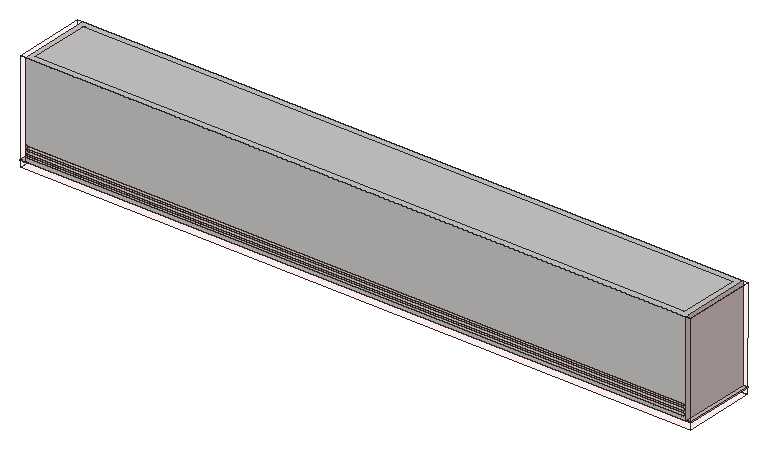
Revit family "Air-Curtain_Specialty_PoweredAire_HDX-Hazardous", category Mechanical Equipment, host Face, Revit 2022
Family settings
  Host = Face
  Round Connector Dimension = Use Diameter
  Part Type = Normal
  OmniClass Number = 23.75.35.17.21
  OmniClass Title = Air Curtains
  Cut with Voids When Loaded = No
  Maintain Annotation Orientation = No
  Shared = No
  Room Calculation Point = No
Parameters (values of type "192'' Nozzle")
  Warranty Duration (Years) = 0
  Unit Width Notes = "Other Widths available."  # constant formula
  Unit Width = 16' - 3 1/4"
  Unit Weight = 1170
  Unit Height = 1' - 9"
  Unit Depth = 2' - 3 1/4"
  URL = "http://www.poweredaire.com/"
  Test Data = ""
  Standards Conformance = "Class I C and D  ;  Class II F and G  ;  Made in USA"
  Specification = "http://www.arcat.com/sdspecs/htm04/23_34_33pai.htm"
  SpecWizard = ""
  Sound Pressure = ">69 dBA"
  Sales Information = "http://www.poweredaire.com/contact_us"
  Revision = "R1_2016-08"
  Projection from Host [instance] = 0' - 2"
  Product Properties = ""
  Product Data = "http://www.arcat.com/arcatcos/cos47/arc47623.html"
  Power Rating = 0 W
  Nozzle Width = if(1 = 1, Unit Width - 0' 3", 0' 0")  # 16' - 0 1/4"
  Mounting Width = if(1 = 1, Unit Width - 0' 1 1/2", 0' 0")  # 16' - 1 3/4"
  Mounting Height [instance] = 3' - 6"
  Motor RPM = 1160
  Motor HP = 3
  Motor Count = 3
  Model = "HDX-3-192"
  Max Height = 17' - 0"
  Manufacturer Website = "http://www.poweredaire.com/"
  Manufacturer Phone - Toll Free = "888-321-2473"
  Manufacturer Phone = "724-588-3305"
  Manufacturer Fax = "724-588-3371"
  Manufacturer Address = "109 Mortensen Rd.  Greenville, PA 16125"
  Manufacturer = "Powered Aire, Inc"
  Maintenance Schedule (Months) = 0
  Keynote = "23 34 33"
  Installation-Fabrication = ""
  Installation Phase = ""
  Include Clearance [instance] = yes
  Heating Element Load = 0 W
  HVAC_Temperature Rise = 0 °F
  HVAC_Outlet Volume = 15700 CFM
  HVAC_Outlet Velocity Uniformity = 0.863
  HVAC_Outlet Velocity = 6200 FPM
  Green Building-LEED = "http://www.arcat.com/green/clients/leed_data_47623.html"
  Front Grating Material [instance] = Metal - Steel - PoweredAire - Stainless 304 Perforated
  Frame Finish [instance] = Metal - Steel - PoweredAire - Stainless 304
  Expected Lifespan (Years) = 0
  Electrical_Wattage [instance] = Power Rating + Heating Element Load  # 0 W
  Electrical_Voltage [instance] = 0 V
  Electrical_Phase [instance] = 1
  Electrical_Frequency [instance] = 0 Hz
  Electrical_Amperage [instance] = 0 A
  Drawn By = "Sumex Design, Inc. / Robert S. Weygant, CSI, CDT, SCIP"
  Description = "Powered Aire Unheated Hazardous Area Air Curtain - HDX-3-192 as Specified"
  Default Elevation = 0' - 0"  # constant formula
  Copyright = "©Arcat Inc."
  Construction Details = "http://www.arcat.com/details/powair/prod3336.html"
  Clearance_Top [instance] = 0' - 0"
  Clearance_Side B [instance] = 0' - 0"
  Clearance_Side A [instance] = 0' - 0"
  Clearance_Intake [instance] = 0' - 0"
  Clearance_Bottom [instance] = 0' - 0"
  Clearance Material [instance] = ARCAT Clearance
  Building Codes = ""
  Available Options [instance] = "as Specified"
  Assembly Code = "D3090400"
Types (7): name | Unit Width | Unit Weight | Sound Pressure | Nozzle Width | Mounting Width | Motor Count | Model | HVAC_Outlet Volume | HVAC_Outlet Velocity Uniformity | HVAC_Outlet Velocity | Description
  192'' Nozzle | 16' - 3 1/4" | 1170 | ">69 dBA" | 16' - 0 1/4" | 16' - 1 3/4" | 3 | "HDX-3-192" | 15700 CFM | 0.863 | 6200 FPM | "Powered Aire Unheated Hazardous Area Air Curtain - HDX-3-192 as Specified"
  180'' Nozzle | 15' - 3 1/4" | 1150 | ">69 dBA" | 15' - 0 1/4" | 15' - 1 3/4" | 3 | "HDX-3-180" | 15000 CFM | 0.863 | 6200 FPM | "Powered Aire Unheated Hazardous Area Air Curtain - HDX-3-180 as Specified"
  144'' Nozzle | 12' - 3 1/8" | 830 | ">69 dBA" | 12' - 0 1/8" | 12' - 1 5/8" | 2 | "HDX-2-144" | 11200 CFM | 0.863 | 5900 FPM | "Powered Aire Unheated Hazardous Area Air Curtain - HDX-2-144 as Specified"
  132'' Nozzle | 11' - 3 1/8" | 805 | ">69 dBA" | 11' - 0 1/8" | 11' - 1 5/8" | 2 | "HDX-2-132" | 10400 CFM | 0.863 | 5900 FPM | "Powered Aire Unheated Hazardous Area Air Curtain - HDX-2-132 as Specified"
  120'' Nozzle | 10' - 3 1/8" | 785 | ">69 dBA" | 10' - 0 1/8" | 10' - 1 5/8" | 2 | "HDX-2-120" | 9700 CFM | 0.92 | 5800 FPM | "Powered Aire Unheated Hazardous Area Air Curtain - HDX-2-120 as Specified"
  72'' Nozzle | 6' - 3" | 420 | "69 dBA" | 6' - 0" | 6' - 1 1/2" | 1 | "HDX-1-72" | 5600 CFM | 0.863 | 5900 FPM | "Powered Aire Unheated Hazardous Area Air Curtain - HDX-1-72 as Specified"
  60'' Nozzle | 5' - 3" | 400 | "69 dBA" | 5' - 0" | 5' - 1 1/2" | 1 | "HDX-1-60" | 4900 CFM | 0.92 | 5800 FPM | "Powered Aire Unheated Hazardous Area Air Curtain - HDX-1-60 as Specified"
Reference planes (in)
  plane 1 "Center (Elevation)": y = 10.63818
  plane 2: z = 0
  plane 3 "Center (Left/Right)": x = 0
  plane 4: y = 21.13818
  plane 5 "BoC": y = 0.13818
  plane 6: x = -97.625
  plane 7: x = 97.625
  plane 8: z = 29.25
  plane 9 "FF": y = -41.86182
  plane 10: z = 2
  plane 11: x = 96.125
  plane 12: x = -96.125
  plane 13: y = 21.13818
  plane 14: y = 0.13818
  plane 15: x = -97.625
  plane 16: x = 97.625
  plane 17: z = 29.25
  plane 18: y = 0.13818
  plane 19: x = 96.0625
  plane 20: x = -96.0625
Forms (in)
  Extrusion 1, solid, material "ARCAT Clearance" <- "Clearance Material", visible <- "Include Clearance"
    sketch origin (0, 0, 0) x (0, 1, 0) y (0, 0, 1)
      loop
        line (0.13818, 29.25) -> (0.13818, 0) -> (21.13818, 0) -> (21.13818, 29.25) -> (0.13818, 29.25)
    from -97.625 to 97.625
  Extrusion 2, solid, material "Metal - Steel - PoweredAire - Stainless 304" <- "Frame Finish"
    sketch origin (0, 10.63818, 0) x (1, 0, 0) y (0, 0, 1)
      loop
        line (96.125, 29.25) -> (-96.125, 29.25) -> (-96.125, 2) -> (96.125, 2) -> (96.125, 29.25)
    from -10.5 to 10.5
  Extrusion 3, void
    sketch origin (0, 0, 0) x (0, 1, 0) y (0, 0, 1)
      loop
        line (0.13818, 4) -> (0.13818, 3) -> (1.63818, 3) -> (1.63818, 6.5) -> (0.13818, 6.5) -> (0.13818, 5.5) -> (1.38818, 5.5) -> (1.38818, 5.25) -> (0.13818, 5.25) -> (0.13818, 4.25) -> (1.38818, 4.25) -> (1.38818, 4) -> (0.13818, 4)
    from -96.0625 to 96.0625
  Extrusion 4, solid, material "Metal - Steel - PoweredAire - Stainless 304" <- "Frame Finish"
    sketch origin (-15.17702, -180, 2) x (-1, 0, 0) y (0, -1, 0)
      loop
        line (-111.30202, -201.13818) -> (-111.30202, -180.13818) -> (-112.80202, -180.13818) -> (-112.80202, -201.13818) -> (-111.30202, -201.13818)
      loop
        line (80.94798, -201.13818) -> (82.44798, -201.13818) -> (82.44798, -180.13818) -> (80.94798, -180.13818) -> (80.94798, -201.13818)
    from 0 to 0.125
  Extrusion 5, solid, material "Metal - Steel - PoweredAire - Stainless 304 Perforated" <- "Front Grating Material"
    sketch origin (96.125, 10.63818, 29.25) x (-1, 0, 0) y (0, -1, 0)
      loop
        line (1.5, -9) -> (190.75, -9) -> (190.75, 9) -> (1.5, 9) -> (1.5, -9)
    from 0 to 0.03125
Cuts and joins
  Extrusion 3 cuts Extrusion 2
Dimensions and locks (in)
  equal spacing: plane 4, plane 1 "Center (Elevation)", plane 5 "BoC"
  "Unit Height": plane 4 to plane 5 "BoC"
  equal spacing: plane 6, plane 3 "Center (Left/Right)", plane 7
  "Unit Width": plane 6 to plane 7
  "Mounting Height": plane 5 "BoC" to plane 9 "FF"
  "Projection from Host": plane 10 to level
  "Unit Depth": plane 8 to plane 10
  locked: plane 6 to plane 12 at 1.5
  locked: plane 11 to plane 7 at 1.5
  "Clearance_Side A": plane 7 to plane 16
  "Clearance_Side B": plane 15 to plane 6
  "Clearance_Top": plane 13 to plane 4
  "Clearance_Bottom": plane 5 "BoC" to plane 14
  "Clearance_Intake": plane 17 to plane 8
  locked: plane 7 to Extrusion 2 sketch curve at 1.5
  locked: Extrusion 2 sketch curve to plane 6 at 1.5
  locked: plane 18 to plane 5 "BoC" at 0
  locked: plane 12 to Extrusion 5 sketch curve at 1.5
  locked: Extrusion 5 sketch curve to plane 11 at 1.5
  locked: Extrusion 5 sketch curve to plane 5 "BoC" at 1.5
  locked: plane 20 to plane 12 at 0.0625
  locked: plane 11 to plane 19 at 0.0625
  Extrusion 3 sketch curve to Extrusion 3 sketch curve to Extrusion 3 sketch curve to Extrusion 3 sketch curve to Extrusion 3 sketch curve to Extrusion 3 sketch curve to plane 10 = 0' - 1" locked, 0' - 0 1/4" locked, 0' - 1" locked, 0' - 0 1/4" locked, 0' - 1" locked, 0' - 1" locked
  locked: plane 4 to Extrusion 5 sketch curve at 1.5
  aligned and locked: plane 2 to host face
  aligned and locked: level to host face
  aligned and locked: Extrusion 1 sketch curve to plane 17
  aligned and locked: plane 14 to Extrusion 1 sketch curve
  aligned and locked: level to Extrusion 1 sketch curve
  aligned and locked: Extrusion 1 sketch curve to plane 13
  aligned and locked: plane 16 to Extrusion 1
  aligned and locked: Extrusion 1 to plane 15
  aligned and locked: Extrusion 2 to plane 4
  aligned and locked: Extrusion 2 to plane 18
  aligned and locked: Extrusion 4 sketch curve to plane 4  (x2)
  aligned and locked: Extrusion 2 sketch curve to plane 10
  aligned and locked: Extrusion 3 to plane 20
  aligned and locked: plane 19 to Extrusion 3
  aligned and locked: Extrusion 2 sketch curve to plane 8
  aligned and locked: plane 18 to Extrusion 4 sketch curve  (x2)
Automatic sketch dimensions
  host sketch curve to host sketch curve = 8' - 0"  (x2)
  Extrusion 4 sketch curve to plane 7 = 0' - 0"
  Extrusion 4 sketch curve to plane 11 = 0' - 0"
  Extrusion 4 sketch curve to plane 12 = 0' - 0"
  Extrusion 4 sketch curve to plane 6 = 0' - 0"
  Extrusion 3 sketch curve to plane 5 "BoC" = 0' - 0"  (x3)
  plane 18 to Extrusion 3 sketch curve = 0' - 1 1/4"
  Extrusion 3 sketch curve to Extrusion 3 sketch curve = 0' - 0"
  Extrusion 3 sketch curve to Extrusion 3 sketch curve = 0' - 0 1/4"
Connectors (in)
  electrical at (-96.125, 10.63818, 15.625), driven by "Electrical_Voltage", driven by "Electrical_Phase"
    settings: on cut or joined group of Extrusion 2, Extrusion 3, index 1, voltage 0 V, apparent load 0 VA, apparent load phase1 0 VA, apparent load phase2 0 VA, apparent load phase3 0 VA, power factor 1, load classification "Other", number of poles 1, system type 31, power factor state 1, is connector primary yes, connector utility no, sub classification motor no, connector description ""
